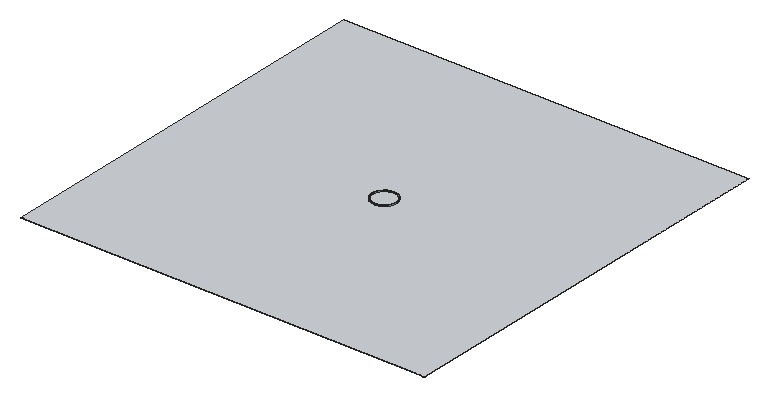
Revit family "LAMP_KOMBIC 150 ROUND IP40 OPTIC DALI", category Luminarias, Revit 2018
Family settings
  Anfitrión = Cara
  Cota de conector redondo = Diámetro de uso
  Tipo de pieza = Normal
  Corte con vacíos al cargar = No
  Origen de luz = Sí
  Compartido = No
  Punto de cálculo de habitación = No
Parameters (values of type "1145LM 3000K  B/B")
  Ángulo de inclinación = -90.00°
  Weight = 0.692 kg
  Wattage = 13.4 W
  UGR = "16"
  Type = "COB PHILIPS"
  built-in parameter 1150107 = 3000 (stored number, unit not read)
  Recessed diameter = 145 mm
  built-in parameter 1150110 = 1 (stored number, unit not read)
  built-in parameter 1150109 = 1 (stored number, unit not read)
  built-in parameter 1150112 = 1 (stored number, unit not read)
  built-in parameter 1150113 = 1 (stored number, unit not read)
  built-in parameter 1114218 = 1 (stored number, unit not read)
  Protection rating = "IP40"
  Product datasheet = "http://www.lamp.es/product-files/TECH/K21RD2040WF830DBB-EN.pdf"
  Product code = "K21RD2040WF830DBB"
  Product URL = "https://www.lamp.es/en/family/kombic-downlight_33313"
  Power Supply = "220-240V 50/60Hz"
  Power = 12 W
  Plum = 13.4 W
  built-in parameter 1150137 = (empty or 0)
  built-in parameter 1150132 = 2
  Modelo = Product code  # "K21RD2040WF830DBB"
  Material reflector = LAMP_PC Reflector Kombic Metalizado Negro
  Material optica = LAMP_PMMA Optica Kombic100
  Material disipador = LAMP_Aluminio Disipador Kombic
  Material difusor = LAMP_PMMA Difusor Kombic
  Material aro = LAMP_Plástico genérico NG
  Material COB = LAMP_COB
  Manufacturer name = "LAMP"
  Manufacturer country = "Spain"
  Manufacturer URL = "http://www.lamp.es/en"
  MacAdam = "3"
  Luminaire type = "Downlight"
  Last update = "26/08/2021"
  Lamp = "COB LED"
  LED Lifetime = "50.000 L90 B10"
  built-in parameter 1150105 = 1308.6 (stored number, unit not read)
  built-in parameter 1150102 = (empty or 0)
  Insulation class = "II"
  Installation instructions = "https://www.lamp.es/product-files/packed/by-family/33313_INS_all.zip"
  built-in parameter 1150106 = 13.086 (stored number, unit not read)
  IEE = "A+"
  Height = 100 mm
  Gear = "Adjustable DALI"
  Lumens = 1145.7 lm
  Finish = "Matte black RAL 9011"
  Color Filter = 16777215
  built-in parameter 1114217 = 1 (stored number, unit not read)
  built-in parameter 1150139 = (empty or 0)
  Fabricante = Manufacturer name  # "LAMP"
  Default Elevation = 1219.2 mm
  built-in parameter 1150104 = 7.9432 (stored number, unit not read)
  Efficacy = 85.5 lm/W
  Diameter = 150 mm
  built-in parameter 1150115 = 1 (stored number, unit not read)
  built-in parameter 1150114 = 1 (stored number, unit not read)
  built-in parameter 1150138 = (empty or 0)
  built-in parameter 1150134 = (empty or 0)
  Dimming Lamp Color Temperature Shift = (empty or 0)
  CRI = "80"
  Archivo de red fotométrica = "K21RD2040WF830NBB.IES"
  built-in parameter 1150133 = 10 (stored number, unit not read)
Types (24, lengths in mm): name | Wattage | UGR | built-in parameter 1150107 | Product datasheet | Product code | Product URL | Power | Plum | Modelo | Material reflector | Material aro | Manufacturer name | Manufacturer country | Manufacturer URL | Last update | LED Lifetime | built-in parameter 1150105 | Installation instructions | built-in parameter 1150106 | Lumens | Finish | Fabricante | built-in parameter 1150104 | Efficacy | built-in parameter 1150134 | Archivo de red fotométrica
  1145LM 3000K  B/B | 13.4 W | "16" | 3000 (stored number, unit not read) | "http://www.lamp.es/product-files/TECH/K21RD2040WF830DBB-EN.pdf" | "K21RD2040WF830DBB" | "https://www.lamp.es/en/family/kombic-downlight_33313" | 12 W | 13.4 W | "K21RD2040WF830DBB" | LAMP_PC Reflector Kombic Metalizado Negro | LAMP_Plástico genérico NG | "LAMP" | "Spain" | "http://www.lamp.es/en" | "26/08/2021" | "50.000 L90 B10" | 1308.6 (stored number, unit not read) | "https://www.lamp.es/product-files/packed/by-family/33313_INS_all.zip" | 13.086 (stored number, unit not read) | 1145.7 lm | "Matte black RAL 9011" | "LAMP" | 7.9432 (stored number, unit not read) | 85.5 lm/W | (empty or 0) | "K21RD2040WF830NBB.IES"
  1145LM 3000K  B/W | 13.4 W | "16" | 3000 (stored number, unit not read) | "http://www.lamp.es/product-files/TECH/K21RD2040WF830DBW-EN.pdf" | "K21RD2040WF830DBW" | "https://www.lamp.es/en/family/kombic-downlight_33313" | 12 W | 13.4 W | "K21RD2040WF830DBW" | LAMP_PC Reflector Kombic Metalizado Negro | LAMP_Plástico genérico BL | "LAMP" | "Spain" | "http://www.lamp.es/en" | "26/08/2021" | "50.000 L90 B10" | 91.172 (stored number, unit not read) | "https://www.lamp.es/product-files/packed/by-family/33313_INS_all.zip" | 0.91172 (stored number, unit not read) | 1145.7 lm | "Shiny white RAL 9010" | "LAMP" | 7.9432 (stored number, unit not read) | 85.5 lm/W | (empty or 0) | "K21RD2040WF830NBW.IES"
  1148LM 3000K  M/W | 13.4 W | "16" | 3000 (stored number, unit not read) | "http://www.lamp.es/product-files/TECH/K21RD2040WF830DMW-EN.pdf" | "K21RD2040WF830DMW" | "https://www.lamp.es/en/family/kombic-downlight_33313" | 12 W | 13.4 W | "K21RD2040WF830DMW" | LAMP_PC Reflector Kombic Metalizado Mate | LAMP_Plástico genérico BL | "LAMP" | "Spain" | "http://www.lamp.es/en" | "26/08/2021" | "50.000 L90 B10" | 91.385 (stored number, unit not read) | "https://www.lamp.es/product-files/packed/by-family/33313_INS_all.zip" | 0.91385 (stored number, unit not read) | 1148.38 lm | "Shiny white RAL 9010" | "LAMP" | 7.9618 (stored number, unit not read) | 85.7 lm/W | (empty or 0) | "K21RD2040WF830NMW.IES"
  1184LM 3000K  W/W | 13.4 W | "16" | 3000 (stored number, unit not read) | "http://www.lamp.es/product-files/TECH/K21RD2040WF830DWW-EN.pdf" | "K21RD2040WF830DWW" | "https://www.lamp.es/en/family/kombic-downlight_33313" | 12 W | 13.4 W | "K21RD2040WF830DWW" | LAMP_PC Reflector Kombic Blanco | LAMP_Plástico genérico BL | "LAMP" | "Spain" | "http://www.lamp.es/en" | "26/08/2021" | "50.000 L90 B10" | 94.158 (stored number, unit not read) | "https://www.lamp.es/product-files/packed/by-family/33313_INS_all.zip" | 0.94158 (stored number, unit not read) | 1183.22 lm | "Matte white RAL 9010" | "LAMP" | 8.2033 (stored number, unit not read) | 88.3 lm/W | (empty or 0) | "K21RD2040WF830NWW.IES"
  1193LM 4000K  B/B | 13.7 W | "16" | 4000 (stored number, unit not read) | "http://www.lamp.es/product-files/TECH/K21RD2040WF840DBB-EN.pdf" | "K21RD2040WF840DBB" | "https://www.lamp.es/en/family/kombic-downlight_33313" | 12 W | 13.7 W | "K21RD2040WF840DBB" | LAMP_PC Reflector Kombic Metalizado Negro | LAMP_Plástico genérico NG | "LAMP" | "Spain" | "http://www.lamp.es/en" | "26/08/2021" | "50.000 L90 B10" | 1362.9 (stored number, unit not read) | "https://www.lamp.es/product-files/packed/by-family/33313_INS_all.zip" | 13.629 (stored number, unit not read) | 1193.27 lm | "Matte black RAL 9011" | "LAMP" | 8.0919 (stored number, unit not read) | 87.1 lm/W | 12 | "K21RD2040WF840NBB.IES"
  1193LM 4000K  B/W | 13.7 W | "16" | 4000 (stored number, unit not read) | "http://www.lamp.es/product-files/TECH/K21RD2040WF840DBW-EN.pdf" | "K21RD2040WF840DBW" | "https://www.lamp.es/en/family/kombic-downlight_33313" | 12 W | 13.7 W | "K21RD2040WF840DBW" | LAMP_PC Reflector Kombic Metalizado Negro | LAMP_Plástico genérico BL | "LAMP" | "Spain" | "http://www.lamp.es/en" | "26/08/2021" | "50.000 L90 B10" | 94.957 (stored number, unit not read) | "https://www.lamp.es/product-files/packed/by-family/33313_INS_all.zip" | 0.94957 (stored number, unit not read) | 1193.27 lm | "Shiny white RAL 9010" | "LAMP" | 8.0919 (stored number, unit not read) | 87.1 lm/W | 12 | "K21RD2040WF840NBW.IES"
  1196LM 4000K  M/W | 13.7 W | "16" | 4000 (stored number, unit not read) | "http://www.lamp.es/product-files/TECH/K21RD2040WF840DMW-EN.pdf" | "K21RD2040WF840DMW" | "https://www.lamp.es/en/family/kombic-downlight_33313" | 12 W | 13.7 W | "K21RD2040WF840DMW" | LAMP_PC Reflector Kombic Metalizado Mate | LAMP_Plástico genérico BL | "LAMP" | "Spain" | "http://www.lamp.es/en" | "26/08/2021" | "50.000 L90 B10" | 95.175 (stored number, unit not read) | "https://www.lamp.es/product-files/packed/by-family/33313_INS_all.zip" | 0.95175 (stored number, unit not read) | 1196.01 lm | "Shiny white RAL 9010" | "LAMP" | 8.1104 (stored number, unit not read) | 87.3 lm/W | 12 | "K21RD2040WF840NMW.IES"
  1233LM 4000K  W/W | 13.7 W | "16" | 4000 (stored number, unit not read) | "http://www.lamp.es/product-files/TECH/K21RD2040WF840DWW-EN.pdf" | "K21RD2040WF840DWW" | "https://www.lamp.es/en/family/kombic-downlight_33313" | 12 W | 13.7 W | "K21RD2040WF840DWW" | LAMP_PC Reflector Kombic Blanco | LAMP_Plástico genérico BL | "LAMP" | "Spain" | "http://www.lamp.es/en" | "26/08/2021" | "50.000 L90 B10" | 1407.6 (stored number, unit not read) | "https://www.lamp.es/product-files/packed/by-family/33313_INS_all.zip" | 14.076 (stored number, unit not read) | 1233 lm | "Matte white RAL 9010" | "LAMP" | 8.3613 (stored number, unit not read) | 90 lm/W | 12 | "K21RD2040WF840NWW.IES"
  1613LM 3000K  B/B | 19.9 W | "19" | 3000 (stored number, unit not read) | "http://www.lamp.es/product-files/TECH/K21RD3040WF830DBB-EN.pdf" | "K21RD3040WF830DBB" | "https://www.lamp.es/en/family/kombic-downlight_33313" | 17.6 W | 19.9 W | "K21RD3040WF830DBB" | LAMP_PC Reflector Kombic Metalizado Negro | LAMP_Plástico genérico NG | "LAMP" | "Spain" | "http://www.lamp.es/en" | "26/08/2021" | "50.000 L70 B10" | 128.27 (stored number, unit not read) | "https://www.lamp.es/product-files/packed/by-family/33313_INS_all.zip" | 1.2827 (stored number, unit not read) | 1611.9 lm | "Matte black RAL 9011" | "LAMP" | 7.5251 (stored number, unit not read) | 81 lm/W | (empty or 0) | "K21RD3040WF830NBB.IES"
  1613LM 3000K  B/W | 19.9 W | "19" | 3000 (stored number, unit not read) | "http://www.lamp.es/product-files/TECH/K21RD3040WF830DBW-EN.pdf" | "K21RD3040WF830DBW" | "https://www.lamp.es/en/family/kombic-downlight_33313" | 17.6 W | 19.9 W | "K21RD3040WF830DBW" | LAMP_PC Reflector Kombic Metalizado Negro | LAMP_Plástico genérico BL | "LAMP" | "Spain" | "http://www.lamp.es/en" | "26/08/2021" | "50.000 L70 B10" | 128.27 (stored number, unit not read) | "https://www.lamp.es/product-files/packed/by-family/33313_INS_all.zip" | 1.2827 (stored number, unit not read) | 1611.9 lm | "Shiny white RAL 9010" | "LAMP" | 7.5251 (stored number, unit not read) | 81 lm/W | (empty or 0) | "K21RD3040WF830NBW.IES"
  1618LM 3000K  M/W | 19.9 W | "19" | 3000 (stored number, unit not read) | "http://www.lamp.es/product-files/TECH/K21RD3040WF830DMW-EN.pdf" | "K21RD3040WF830DMW" | "https://www.lamp.es/en/family/kombic-downlight_33313" | 17.6 W | 19.9 W | "K21RD3040WF830DMW" | LAMP_PC Reflector Kombic Metalizado Mate | LAMP_Plástico genérico BL | "LAMP" | "Spain" | "http://www.lamp.es/en" | "26/08/2021" | "50.000 L70 B10" | 128.75 (stored number, unit not read) | "https://www.lamp.es/product-files/packed/by-family/33313_INS_all.zip" | 1.2875 (stored number, unit not read) | 1617.87 lm | "Shiny white RAL 9010" | "LAMP" | 7.553 (stored number, unit not read) | 81.3 lm/W | (empty or 0) | "K21RD3040WF830NMW.IES"
  1667LM 3000K  W/W | 19.9 W | "19" | 3000 (stored number, unit not read) | "http://www.lamp.es/product-files/TECH/K21RD3040WF830DWW-EN.pdf" | "K21RD3040WF830DWW" | "https://www.lamp.es/en/family/kombic-downlight_33313" | 17.6 W | 19.9 W | "K21RD3040WF830DWW" | LAMP_PC Reflector Kombic Blanco | LAMP_Plástico genérico BL | "LAMP" | "Spain" | "http://www.lamp.es/en" | "26/08/2021" | "50.000 L70 B10" | 132.7 (stored number, unit not read) | "https://www.lamp.es/product-files/packed/by-family/33313_INS_all.zip" | 1.327 (stored number, unit not read) | 1667.62 lm | "Matte white RAL 9010" | "LAMP" | 7.7853 (stored number, unit not read) | 83.8 lm/W | (empty or 0) | "K21RD3040WF830NWW.IES"
  1680LM 4000K  B/B | 19.9 W | "19" | 4000 (stored number, unit not read) | "http://www.lamp.es/product-files/TECH/K21RD3040WF840DBB-EN.pdf" | "K21RD3040WF840DBB" | "https://www.lamp.es/en/family/kombic-downlight_33313" | 17.6 W | 19.9 W | "K21RD3040WF840DBB" | LAMP_PC Reflector Kombic Metalizado Negro | LAMP_Plástico genérico NG | "LAMP" | "Spain" | "http://www.lamp.es/en" | "26/08/2021" | "50.000 L70 B10" | 133.66 (stored number, unit not read) | "https://www.lamp.es/product-files/packed/by-family/33313_INS_all.zip" | 1.3366 (stored number, unit not read) | 1679.56 lm | "Matte black RAL 9011" | "LAMP" | 7.841 (stored number, unit not read) | 84.4 lm/W | 12 | "K21RD3040WF840NBB.IES"
  1680LM 4000K  B/W | 19.9 W | "19" | 4000 (stored number, unit not read) | "http://www.lamp.es/product-files/TECH/K21RD3040WF840DBW-EN.pdf" | "K21RD3040WF840DBW" | "https://www.lamp.es/en/family/kombic-downlight_33313" | 17.6 W | 19.9 W | "K21RD3040WF840DBW" | LAMP_PC Reflector Kombic Metalizado Negro | LAMP_Plástico genérico BL | "LAMP" | "Spain" | "http://www.lamp.es/en" | "26/08/2021" | "50.000 L70 B10" | 133.66 (stored number, unit not read) | "https://www.lamp.es/product-files/packed/by-family/33313_INS_all.zip" | 1.3366 (stored number, unit not read) | 1679.56 lm | "Shiny white RAL 9010" | "LAMP" | 7.841 (stored number, unit not read) | 84.4 lm/W | 12 | "K21RD3040WF840NBW.IES"
  1685LM 4000K  M/W | 19.9 W | "19" | 4000 (stored number, unit not read) | "http://www.lamp.es/product-files/TECH/K21RD3040WF840DMW-EN.pdf" | "K21RD3040WF840DMW" | "https://www.lamp.es/en/family/kombic-downlight_33313" | 17.6 W | 19.9 W | "K21RD3040WF840DMW" | LAMP_PC Reflector Kombic Metalizado Mate | LAMP_Plástico genérico BL | "LAMP" | "Spain" | "http://www.lamp.es/en" | "26/08/2021" | "50.000 L70 B10" | 138.25 (stored number, unit not read) | "https://www.lamp.es/product-files/packed/by-family/33313_INS_all.zip" | 1.3825 (stored number, unit not read) | 1737.27 lm | "Shiny white RAL 9010" | "LAMP" | 8.1104 (stored number, unit not read) | 87.3 lm/W | 12 | "K21RD3040WF840NMW.IES"
  1737LM 4000K  W/W | 19.1 W | "19" | 4000 (stored number, unit not read) | "http://www.lamp.es/product-files/TECH/K21RD3040WF840DWW-EN.pdf" | "K21RD3040WF840DWW" | "https://www.lamp.es/en/family/kombic-downlight_33313" | 19 W | 19.1 W | "K21RD3040WF840DWW" | LAMP_PC Reflector Kombic Blanco | LAMP_Plástico genérico BL | "LAMP" | "Spain" | "http://www.lamp.es/en" | "26/08/2021" | "50.000 L70 B10" | 138.16 (stored number, unit not read) | "https://www.lamp.es/product-files/packed/by-family/33313_INS_all.zip" | 1.3816 (stored number, unit not read) | 1736.19 lm | "Matte white RAL 9010" | "LAMP" | 8.4449 (stored number, unit not read) | 90.9 lm/W | 12 | "K21RD3040WF840NWW.IES"
  2145LM 3000K  B/B | 27.7 W | "19" | 3000 (stored number, unit not read) | "" | "K21RD3540WF830DBB" | "" | 25 W | 27.7 W | "K21RD3540WF830DBB" | LAMP_PC Reflector Kombic Metalizado Negro | LAMP_Plástico genérico NG | "" | "" | "" | "" | "50.000 L70 B10" | 2448.7 (stored number, unit not read) | "" | 24.487 (stored number, unit not read) | 2143.98 lm | "Matte black RAL 9011" | 0 | 7.1907 (stored number, unit not read) | 77.4 lm/W | (empty or 0) | "K21RD3540WF830NBB.IES"
  2145LM 3000K  B/W | 27.7 W | "19" | 3000 (stored number, unit not read) | "" | "K21RD3540WF830DBW" | "" | 25 W | 27.7 W | "K21RD3540WF830DBW" | LAMP_PC Reflector Kombic Metalizado Negro | LAMP_Plástico genérico BL | "" | "" | "" | "" | "50.000 L70 B10" | 170.61 (stored number, unit not read) | "" | 1.7061 (stored number, unit not read) | 2143.98 lm | "Shiny white RAL 9010" | 0 | 7.1907 (stored number, unit not read) | 77.4 lm/W | (empty or 0) | "K21RD3540WF830NBW.IES"
  2151LM 3000K  M/W | 27.7 W | "19" | 3000 (stored number, unit not read) | "" | "K21RD3540WF830DMW" | "" | 25 W | 27.7 W | "K21RD3540WF830DMW" | LAMP_PC Reflector Kombic Metalizado Mate | LAMP_Plástico genérico BL | "" | "" | "" | "" | "50.000 L70 B10" | 171.27 (stored number, unit not read) | "" | 1.7127 (stored number, unit not read) | 2152.29 lm | "Shiny white RAL 9010" | 0 | 7.2186 (stored number, unit not read) | 77.7 lm/W | (empty or 0) | "K21RD3540WF830NMW.IES"
  2217LM 3000K  W/W | 27.7 W | "19" | 3000 (stored number, unit not read) | "" | "K21RD3540WF830DWW" | "" | 25 W | 27.7 W | "K21RD3540WF830DWW" | LAMP_PC Reflector Kombic Blanco | LAMP_Plástico genérico BL | "" | "" | "" | "" | "50.000 L70 B10" | 176.56 (stored number, unit not read) | "" | 1.7656 (stored number, unit not read) | 2218.77 lm | "Matte white RAL 9010" | 0 | 7.4415 (stored number, unit not read) | 80.1 lm/W | (empty or 0) | "K21RD3540WF830NWW.IES"
  2235LM 4000K  B/B | 27.7 W | "19" | 4000 (stored number, unit not read) | "" | "K21RD3540WF840DBB" | "" | 25 W | 27.7 W | "K21RD3540WF840DBB" | LAMP_PC Reflector Kombic Metalizado Negro | LAMP_Plástico genérico NG | "" | "" | "" | "" | "50.000 L70 B10" | 177.89 (stored number, unit not read) | "" | 1.7789 (stored number, unit not read) | 2235.39 lm | "Matte black RAL 9011" | 0 | 7.4973 (stored number, unit not read) | 80.7 lm/W | 12 | "K21RD3540WF840NBB.IES"
  2235LM 4000K  B/W | 27.7 W | "19" | 4000 (stored number, unit not read) | "" | "K21RD3540WF840DBW" | "" | 25 W | 27.7 W | "K21RD3540WF840DBW" | LAMP_PC Reflector Kombic Metalizado Negro | LAMP_Plástico genérico BL | "" | "" | "" | "" | "50.000 L70 B10" | 177.89 (stored number, unit not read) | "" | 1.7789 (stored number, unit not read) | 2235.39 lm | "Shiny white RAL 9010" | 0 | 7.4973 (stored number, unit not read) | 80.7 lm/W | 12 | "K21RD3540WF840NBW.IES"
  2241LM 4000K  M/W | 27.7 W | "19" | 4000 (stored number, unit not read) | "" | "K21RD3540WF840DMW" | "" | 25 W | 27.7 W | "K21RD3540WF840DMW" | LAMP_PC Reflector Kombic Metalizado Mate | LAMP_Plástico genérico BL | "" | "" | "" | "" | "50.000 L70 B10" | 178.33 (stored number, unit not read) | "" | 1.7833 (stored number, unit not read) | 2240.93 lm | "Shiny white RAL 9010" | 0 | 7.5159 (stored number, unit not read) | 80.9 lm/W | 12 | "K21RD3540WF840NMW.IES"
  2310LM 4000K  W/W | 27.7 W | "19" | 4000 (stored number, unit not read) | "" | "K21RD3540WF840DWW" | "" | 25 W | 27.7 W | "K21RD3540WF840DWW" | LAMP_PC Reflector Kombic Blanco | LAMP_Plástico genérico BL | "" | "" | "" | "" | "50.000 L70 B10" | 183.84 (stored number, unit not read) | "" | 1.8384 (stored number, unit not read) | 2310.18 lm | "Matte white RAL 9010" | 0 | 7.7481 (stored number, unit not read) | 83.4 lm/W | 12 | "K21RD3540WF840NWW.IES"
Reference planes
  plane 1 "Centro (Frontal/Posterior)": y = 0
  plane 2: z = 0
  plane 3 "Centro (Izquierda/Derecha)": x = 0
Forms (mm)
  Extrusion 1, solid
    sketch origin (0, 0, 0) x (1, 0, 0) y (0, 1, 0)
      loop
        line (-1219.2, 1219.2) -> (-1219.2, -1219.2) -> (1219.2, -1219.2) -> (1219.2, 1219.2) -> (-1219.2, 1219.2)
    from 0 to -1
  Revolve 2, solid, material "LAMP_Plástico genérico NG" <- "Material aro"
    sketch origin (0, 0, 1.5) x (-1, 0, 0) y (0, 0, -1)
      loop
        arc (63.285, 25.939) -> (56.992, 30.773) -> (49.333, 32.85) r 20.471
        line (49.333, 32.85) -> (49.333, 30.55)
        arc (49.333, 30.55) -> (65.429, 20.082) -> (70.259, 1.5) r 26.552
        line (70.259, 1.5) -> (69.259, 1.5) -> (69.259, 0) -> (75, 0) -> (75, 1.5) -> (71.74, 1.5)
        arc (71.74, 1.5) -> (69.911, 14.549) -> (63.285, 25.939) r 34.204
      axis (0, 32.85) -> (0, 0)
    angle from 0 to 360
  Revolve 3, solid, material "LAMP_Aluminio Disipador Kombic" <- "Material disipador"
    sketch origin (0, 0, 1.5) x (-1, 0, 0) y (0, 0, -1)
      loop
        line (-57.5, 32.85) -> (0, 32.85) -> (0, 97.85) -> (-57.5, 97.85) -> (-57.5, 32.85)
      axis (0, 97.85) -> (0, 32.85)
    angle from 0 to 360
  Revolve 4, solid, material "LAMP_PC Reflector Kombic Metalizado Negro" <- "Material reflector"
    sketch origin (0, 0, 0) x (1, 0, 0) y (0, 0, 1)
      loop
        line (-69.259, 0) -> (-70.259, 0)
        arc (-70.259, 0) -> (-52.467, -23.183) -> (-23.839, -29.05) r 41.807
        line (-23.839, -29.05) -> (-23.839, -28.081)
        arc (-23.839, -28.081) -> (-51.294, -21.716) -> (-69.259, 0) r 44.012
      axis (0, 0) -> (0, -29.05)
    angle from 0 to 360
  Extrusion 5, solid, material "LAMP_COB" <- "Material COB"
    sketch origin (0, 0, 0) x (1, 0, 0) y (0, 1, 0)
      loop
        circle (0, 0) r 13
    from -31.35 to -30.4
  Blend 6, solid, material "LAMP_PMMA Optica Kombic100" <- "Material optica"
    base sketch origin (0, 0, 0) x (1, 0, 0) y (0, 1, 0)
      loop
        circle (0, 0) r 13
    top sketch origin (0, 0, 0) x (1, 0, 0) y (0, 1, 0)
      loop
        circle (0, 0) r 23.839
    from -31.35 to -28.081
Text (mm)
  text "Any modification of the parameters and properties of the LAMP BIM models must be executed and validated by the LAMP technical department.\nPhone: +34 93 736 68 00\nE-mail: lamp@lamp.es\n\nLAMP reserves the right to modify the technical specifications of its products." at (-2876.262, -5833.446, 1777.952), in view "Preview"
Dimensions and locks
  aligned and locked: plane 2 to Extrusion 1
  aligned and locked: level to Extrusion 1
Connectors
  electrical at (0, 0, -73.85)
    settings: on Revolve 3, index 1, voltage 230 V, apparent load 0 VA, apparent load phase1 0 VA, apparent load phase2 0 VA, apparent load phase3 0 VA, power factor 1, load classification "Otro", number of poles 1, system type 30, power factor state 1, is connector primary yes, connector utility no, sub classification motor no, connector description ""
